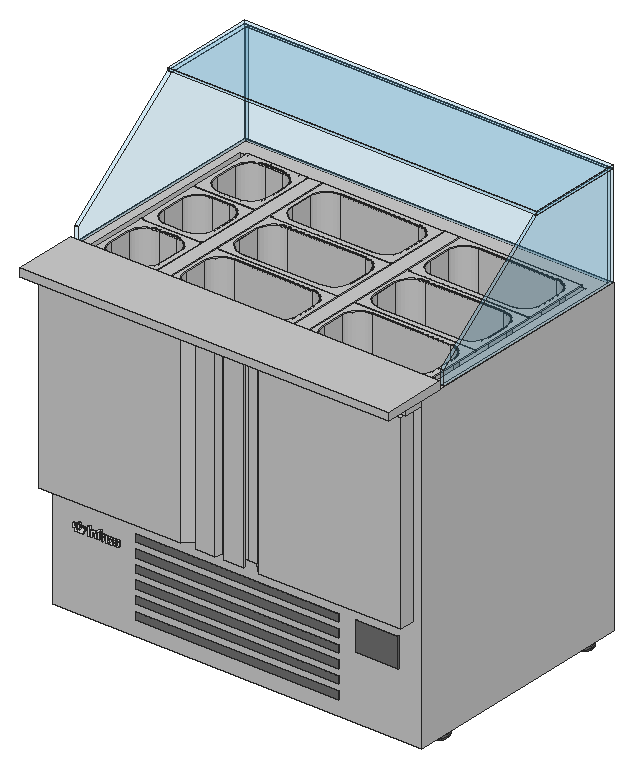
Revit family "QF_INFRICO_ME1000KB_250812024614", category Specialty Equipment, Revit 2021
Family settings
  Round Connector Dimension = Use Diameter
  Part Type = Normal
  OmniClass Number = 23.40.40.14
  OmniClass Title = Food Service Equipment
  Work Plane-Based = No
  Always vertical = Yes
  Cut with Voids When Loaded = No
  Shared = No
  Room Calculation Point = No
Parameters (values of type "ME1000KB-R290")
  Weight [instance] = 110.001 kg
  Waste Water Discharge Temperature [instance] = 0 °C
  Waste Remarks [instance] = ""
  Warranty Start Date [instance] = ""
  Warranty Duration [instance] = ""
  Volts [instance] = 230 V
  Volt Free Conn [instance] = no
  URL Recommended Spares List [instance] = ""
  URL Manufacturer [instance] = ""
  URL Cutsheet [instance] = ""
  URL Critical Spares List [instance] = ""
  URL = "www.infrico.com"
  Technical Documentation [instance] = ""
  Tag Number [instance] = ""
  Status [instance] = ""
  Start Up Current [instance] = 0 A
  Specification by User [instance] = ""
  Specification by Manufacturer [instance] = ""
  Sound Level [instance] = ""
  Show Logo [instance] = yes
  Show Clearances [instance] = yes
  Service Life Duration [instance] = ""
  Serial Number [instance] = ""
  Seismic Rating [instance] = ""
  SMACNA No [instance] = ""
  Revision Code [instance] = ""
  Revision [instance] = ""
  Production Year [instance] = ""
  Potential Equalisation [instance] = no
  Point Load [instance] = 0
  Plumbing Connection Type [instance] = ""
  Phase [instance] = 1
  Other Equipment Approvals [instance] = ""
  Operational Current [instance] = 0 A
  Number of Poles [instance] = 2
  No Load Power Draw [instance] = no
  NAFEM Spec ID Number [instance] = ""
  Model Warning [instance] = ""
  Model = "ME1000KB"
  Min Ckt Ampacity [instance] = 0 A
  Max Overcurrent Protection [instance] = 0 A
  Masterspec [instance] = ""
  Manufacturer = "INFRICO"
  Main switch integrated [instance] = no
  Length Actual [instance] = 977.9 mm
  Item Number [instance] = ""
  Installed By [instance] = ""
  Installation Date [instance] = ""
  Indirect Waste Size [instance] = 19.05 mm
  Indirect Waste Remarks [instance] = ""
  Indirect Waste Flow [instance] = 0.0 L/s
  Indirect Waste Connection Type [instance] = ""
  Indirect Waste Connection Height [instance] = 0 mm
  Identify Quantity as Lot [instance] = no
  ID [instance] = ""
  Hygiene Approval [instance] = ""
  Height Actual [instance] = 1124.966 mm
  HP power [instance] = ""
  Furnished By [instance] = ""
  Foodservice Equipment Identifier [instance] = no
  FL Amps [instance] = 0 A
  Electrical Remarks [instance] = ""
  Electric power [instance] = 420 W
  Electric Connection Type [instance] = ""
  Elec Conn RI Height [instance] = 0 mm
  Elec Conn Connection Height [instance] = 0 mm
  ETL Approved [instance] = no
  Direct Waste Water Discharge Temperature [instance] = -273.15 °C
  Direct Waste Size [instance] = 19.05 mm
  Direct Waste RI Height [instance] = 0 mm
  Direct Waste Flow [instance] = 0.0 L/s
  Direct Waste Connection Height [instance] = 0 mm
  Description = "GN1/1 SALAD PREP REFRIGERATOR TABLE 700 SERIES - R290"
  Depth Actual [instance] = 700.024 mm
  Default Elevation = 0 mm
  Cycle [instance] = 50 Hz
  Cost = 0
  Connection to energy optimisation system [instance] = yes
  Conn Plug [instance] = ""
  Conn Conduit [instance] = no
  Centralized building control system with digital interface [instance] = ""
  CSI MasterFormat [instance] = ""
  CE Approved [instance] = no
  Barcode [instance] = 0
  Author [instance] = ""
  Asset Identifier [instance] = ""
  Apparent Power [instance] = 420 VA
  Accessory [instance] = no
Reference planes
  plane 1 "Center (Front/Back)": y = 0
  plane 2: z = 0
  plane 3 "Center (Left/Right)": x = 0
Forms (mm)
  Extrusion 1, solid, not visible
    sketch origin (487.024, -150.007, 304.015) x (1, 0, 0) y (0, 1, 0)
      loop
        line (-2, 2) -> (-2, -2) -> (2, -2) -> (2, 2) -> (-2, 2)
    from -2 to 2
  Extrusion 2, solid, not visible
    sketch origin (45.002, -152.007, 286.014) x (1, 0, 0) y (0, 1, 0)
      loop
        line (-2, 2) -> (-2, -2) -> (2, -2) -> (2, 2) -> (-2, 2)
    from -2 to 2
Dimensions and locks
  locked: nested 2 to Extrusion 1 at 2  (x2)
  locked: Extrusion 2 to nested 3
  locked: nested 3 to Extrusion 2 at 2
  aligned and locked: level to plane 2
Nested families
  nested 1: "QF_INFRICO_ME1000KB_2920" at (0, 0, 0), type "ME1000KB-R290"
    with Weight 110.001 kg, Warranty Start Date "", Warranty Duration "", URL Cutsheet "", Technical Documentation "", Tag Number "", Status "", Specification by User "", Specification by Manufacturer "", Sound Level "", Solid Fuel Type "", Show Logo yes, Show Clearances yes, Show Clearance yes, Service Life Duration "", Serial Number "", Seismic Rating "", SMACNA No "", Revision Code "", Revision "", Production Year "", Point Load 0, Other Equipment Approvals "", NAFEM Spec ID Number "", Model Warning "", Masterspec "", Length Actual 977.9 mm, Item Number "", Installed By "", Installation Date "", Identify Quantity as Lot yes, ID "", Hygiene Approval "", Height Actual 1124.966 mm, Furnished By "", Foodservice Equipment Identifier yes, ETL Approved yes, Depth Actual 700.024 mm, CSI MasterFormat "", CE Approved no, Barcode "", Author "", Asset Identifier "", Accessory no
  nested 2: "CONN_POINT_DRAIN_2D___Generic_Annotation" at (487.024, -150.007, 302.015), type "CONN_POINT_DRAIN_2D___Generic_Annotation"
    with Onboard connection annotation symbol visibility yes
  nested 3: "CONN_POINT_ELE_2D___Generic_Annotation" at (45.002, -150.007, 286.014), type "CONN_POINT_ELE_2D___Generic_Annotation"
    with Onboard connection annotation symbol visibility yes
  nested 4: "QF_INFRICO_ME_DOOR_SX_5059" at (10, -638, 324), type "ME_DOOR_SX"
    with Weight 0.00 kg, Warranty Start Date "", Warranty Duration "", URL Cutsheet "", Technical Documentation "", Tag Number "", Status "", Specification by User "", Specification by Manufacturer "", Sound Level "", Solid Fuel Type "", Show Logo yes, Show Clearances yes, Show Clearance yes, Service Life Duration "", Serial Number "", Seismic Rating "", SMACNA No "", Revision Code "", Revision "", Production Year "", Point Load 0, Other Equipment Approvals "", NAFEM Spec ID Number "", Model Warning "", Masterspec "", Length Actual 471.932 mm, Item Number "", Installed By "", Installation Date "", Identify Quantity as Lot yes, ID "", Hygiene Approval "", Height Actual 501.904 mm, Furnished By "", Foodservice Equipment Identifier yes, ETL Approved yes, Depth Actual 56.896 mm, CSI MasterFormat "", CE Approved no, Barcode "", Author "", Asset Identifier "", Accessory yes
  nested 5: "QF_INFRICO_ME_DOOR_DX_5837" at (496, -638, 324), type "ME_DOOR_DX"
    with Weight 0.00 kg, Warranty Start Date "", Warranty Duration "", URL Cutsheet "", Technical Documentation "", Tag Number "", Status "", Specification by User "", Specification by Manufacturer "", Sound Level "", Solid Fuel Type "", Show Logo yes, Show Clearances yes, Show Clearance yes, Service Life Duration "", Serial Number "", Seismic Rating "", SMACNA No "", Revision Code "", Revision "", Production Year "", Point Load 0, Other Equipment Approvals "", NAFEM Spec ID Number "", Model Warning "", Masterspec "", Length Actual 471.932 mm, Item Number "", Installed By "", Installation Date "", Identify Quantity as Lot yes, ID "", Hygiene Approval "", Height Actual 501.904 mm, Furnished By "", Foodservice Equipment Identifier yes, ETL Approved yes, Depth Actual 56.896 mm, CSI MasterFormat "", CE Approved no, Barcode "", Author "", Asset Identifier "", Accessory yes
Connectors
  piping at (487.024, -150.007, 302.015), diameter 19.05, driven by "Indirect Waste Size", driven by "Direct Waste Flow"
    settings: on Extrusion 1, index 1, connector inside diameter 609.6 mm, connector length 0 mm, flow factor 0, pipe flow 0.0 L/s, pressure drop 0.0 Pa, fitting loss kfactor 0, connector angle 0.00°, fixture units 0, engagement length 0 mm, angle of deflection 0.00°, flow configuration 1, flow direction 2, fitting loss method 0, system type 16, joint type 0, gender type 0, connector reference index -1, connector utility 0, adjustable connector no, is connector primary yes, connector description "Waste connection for ME1000KB"
  electrical at (45.002, -150.007, 286.014), driven by "Apparent Power", driven by "Number of Poles", driven by "Volts"
    settings: on Extrusion 2, index 2, voltage 230 V, apparent load 0 VA, apparent load phase1 420 VA, apparent load phase2 0 VA, apparent load phase3 0 VA, power factor 1, load classification "Other", number of poles 2, system type 31, power factor state 1, is connector primary yes, connector utility no, sub classification motor no, connector description "Electrical connection for ME1000KB"
Definition of nested family "QF_INFRICO_ME1000KB_2920"
  Parameters (values of type "ME1000KB-R290")
    Weight [instance] = 0.00 kg
    Warranty Start Date [instance] = ""
    Warranty Duration [instance] = ""
    URL Cutsheet [instance] = ""
    URL = "www.infrico.com"
    Technical Documentation [instance] = ""
    Tag Number [instance] = ""
    Status [instance] = ""
    Specification by User [instance] = ""
    Specification by Manufacturer [instance] = ""
    Sound Level [instance] = ""
    Solid Fuel Type [instance] = ""
    Show Logo [instance] = yes
    Show Clearances [instance] = yes
    Show Clearance [instance] = yes
    Service Life Duration [instance] = ""
    Serial Number [instance] = ""
    Seismic Rating [instance] = ""
    SMACNA No [instance] = ""
    Revision Code [instance] = ""
    Revision [instance] = ""
    Production Year [instance] = ""
    Point Load [instance] = 0
    Other Equipment Approvals [instance] = ""
    NAFEM Spec ID Number [instance] = ""
    Model Warning [instance] = ""
    Model = "ME1000KB"
    Masterspec [instance] = ""
    Manufacturer = "INFRICO"
    Length Actual [instance] = 0 mm
    Item Number [instance] = ""
    Installed By [instance] = ""
    Installation Date [instance] = ""
    Identify Quantity as Lot [instance] = yes
    ID [instance] = ""
    Hygiene Approval [instance] = ""
    Height Actual [instance] = 0 mm
    Furnished By [instance] = ""
    Foodservice Equipment Identifier [instance] = yes
    ETL Approved [instance] = yes
    Description = "GN1/1 SALAD PREP REFRIGERATOR TABLE 700 SERIES - R290"
    Depth Actual [instance] = 0 mm
    Default Elevation = 0 mm
    CSI MasterFormat [instance] = ""
    CE Approved [instance] = yes
    Barcode [instance] = ""
    Author [instance] = ""
    Asset Identifier [instance] = ""
    Assembly Code = "E1090320"
    Accessory [instance] = yes
  Types (2, lengths in mm): name | Description
    ME1000KB | "GN1/1 SALAD PREP REFRIGERATOR TABLE 700 SERIES - R134A"
    ME1000KB-R290 | "GN1/1 SALAD PREP REFRIGERATOR TABLE 700 SERIES - R290"
  Reference planes
    plane 1 "Back": y = 0
    plane 2: z = 0
    plane 3 "Left": x = 0
    plane 4 "Right": x = 978
    plane 5 "Front": y = -700
    plane 6 "Top": z = 844
  Forms (mm)
    Revolve 1, solid
      sketch origin (29, 0.51, 0) x (0, 1, 0) y (0, 0, 1)
        loop
          line (-65.51, 19.01) -> (-65.51, 0) -> (-45.51, 0)
          arc (-45.51, 0) -> (-41.974, 1.464) -> (-40.51, 5) r 5
          line (-40.51, 5) -> (-40.51, 10) -> (-50.51, 10) -> (-50.51, 14.5) -> (-60.51, 14.5) -> (-60.51, 19.01) -> (-65.51, 19.01)
        axis (-65.51, 19.01) -> (-65.51, 0)
      angle from 0 to 360
    Revolve 2, solid
      sketch origin (29, -479.49, 0) x (0, 1, 0) y (0, 0, 1)
        loop
          line (-65.51, 19.01) -> (-65.51, 0) -> (-45.51, 0)
          arc (-45.51, 0) -> (-41.974, 1.464) -> (-40.51, 5) r 5
          line (-40.51, 5) -> (-40.51, 10) -> (-50.51, 10) -> (-50.51, 14.5) -> (-60.51, 14.5) -> (-60.51, 19.01) -> (-65.51, 19.01)
        axis (-65.51, 19.01) -> (-65.51, 0)
      angle from 0 to 360
    Revolve 3, solid
      sketch origin (949, 0.51, 0) x (0, 1, 0) y (0, 0, 1)
        loop
          line (-65.51, 19.01) -> (-65.51, 0) -> (-45.51, 0)
          arc (-45.51, 0) -> (-41.974, 1.464) -> (-40.51, 5) r 5
          line (-40.51, 5) -> (-40.51, 10) -> (-50.51, 10) -> (-50.51, 14.5) -> (-60.51, 14.5) -> (-60.51, 19.01) -> (-65.51, 19.01)
        axis (-65.51, 19.01) -> (-65.51, 0)
      angle from 0 to 360
    Revolve 4, solid
      sketch origin (949, -479.49, 0) x (0, 1, 0) y (0, 0, 1)
        loop
          line (-65.51, 19.01) -> (-65.51, 0) -> (-45.51, 0)
          arc (-45.51, 0) -> (-41.974, 1.464) -> (-40.51, 5) r 5
          line (-40.51, 5) -> (-40.51, 10) -> (-50.51, 10) -> (-50.51, 14.5) -> (-60.51, 14.5) -> (-60.51, 19.01) -> (-65.51, 19.01)
        axis (-65.51, 19.01) -> (-65.51, 0)
      angle from 0 to 360
    Extrusion 5, solid
      sketch origin (0, 0, 0) x (0, 1, 0) y (0, 0, 1)
        loop
          line (0, 19.01) -> (0, 49.01) -> (-150, 49.01) -> (-150, 319) -> (0, 319) -> (0, 844) -> (-55, 844) -> (-55, 689.01) -> (-571.825, 689.01) -> (-571.825, 844) -> (-638, 844) -> (-638, 19.01) -> (0, 19.01)
      from 30 to 948
    Extrusion 6, solid
      sketch origin (-2000, -636.1, 0) x (1, 0, 0) y (0, 0, 1)
        loop
          line (2220, 263.01) -> (2220, 243.01) -> (2760, 243.01) -> (2760, 263.01) -> (2220, 263.01)
      from 0 to 2
    Extrusion 7, solid
      sketch origin (-2000, -636.1, -37) x (1, 0, 0) y (0, 0, 1)
        loop
          line (2220, 263.01) -> (2220, 243.01) -> (2760, 243.01) -> (2760, 263.01) -> (2220, 263.01)
      from 0 to 2
    Extrusion 8, solid
      sketch origin (-2000, -636.1, -74) x (1, 0, 0) y (0, 0, 1)
        loop
          line (2220, 263.01) -> (2220, 243.01) -> (2760, 243.01) -> (2760, 263.01) -> (2220, 263.01)
      from 0 to 2
    Extrusion 9, solid
      sketch origin (-2000, -636.1, -111) x (1, 0, 0) y (0, 0, 1)
        loop
          line (2220, 263.01) -> (2220, 243.01) -> (2760, 243.01) -> (2760, 263.01) -> (2220, 263.01)
      from 0 to 2
    Extrusion 10, solid
      sketch origin (-2000, -636.1, -148) x (1, 0, 0) y (0, 0, 1)
        loop
          line (2220, 263.01) -> (2220, 243.01) -> (2760, 243.01) -> (2760, 263.01) -> (2220, 263.01)
      from 0 to 2
    Extrusion 11, solid
      sketch origin (-2000, -636.1, -185) x (1, 0, 0) y (0, 0, 1)
        loop
          line (2220, 263.01) -> (2220, 243.01) -> (2760, 243.01) -> (2760, 263.01) -> (2220, 263.01)
      from 0 to 2
    Extrusion 12, solid
      sketch origin (-2000, -638, 0) x (1, 0, 0) y (0, 0, 1)
        loop
          line (2917.81, 187.81) -> (2917.81, 264.21) -> (2806.21, 264.21) -> (2806.21, 187.81) -> (2917.81, 187.81)
      from 0 to 2
    Extrusion 13, solid
      sketch origin (-2000, -1999.98, 0.1) x (0, 1, 0) y (0, 0, 1)
        loop
          line (1312.96, 842.41) -> (1312.96, 829.41) -> (1361.98, 829.41) -> (1361.98, 842.41) -> (1312.96, 842.41)
      from 2002 to 2976
    Extrusion 14, solid
      sketch origin (0, -140, 0) x (1, 0, 0) y (0, 0, 1)
        loop
          circle (45, 286) r 12.7
      from 0 to 10
    Extrusion 15, solid
      sketch origin (0, -140, 0) x (1, 0, 0) y (0, 0, 1)
        loop
          circle (487, 302) r 9.525
      from 0 to 10
    Extrusion 16, solid
      sketch origin (0, 0, 0) x (0, 1, 0) y (0, 0, 1)
        loop
          line (-638, 19.01) -> (0, 19.01) -> (0, 844) -> (-638, 844) -> (-638, 19.01)
      from 0 to 30
    Extrusion 17, solid
      sketch origin (978, 0, 0) x (0, 1, 0) y (0, 0, -1)
        loop
          line (-638, -19.01) -> (-638, -844) -> (0, -844) -> (0, -19.01) -> (-638, -19.01)
      from 0 to 30
    Extrusion 18, solid, visible <- "Show Logo"
      sketch origin (-1108.443, -638, -480.835) x (1, 0, 0) y (0, 0, 1)
        loop
          line (1208.799, 696.53) -> (1208.799, 719.204) -> (1204.173, 719.204) -> (1204.173, 696.53) -> (1208.799, 696.53)
        loop
          line (1214.779, 713.006) -> (1211.283, 713.006) -> (1211.283, 696.53) -> (1215.772, 696.53) -> (1215.772, 707.832)
          arc (1215.772, 707.832) -> (1217.528, 708.741) -> (1219.417, 709.324) r 11.052
          arc (1219.417, 709.324) -> (1220.929, 708.961) -> (1221.598, 707.557) r 1.806
          line (1221.598, 707.557) -> (1221.598, 696.53) -> (1226.121, 696.53) -> (1226.121, 708.689)
          arc (1226.121, 708.689) -> (1224.637, 712.075) -> (1221.141, 713.281) r 4.607
          arc (1221.141, 713.281) -> (1218.282, 712.674) -> (1215.669, 711.361) r 11.435
          line (1215.669, 711.361) -> (1215.601, 712.184)
          arc (1215.601, 712.184) -> (1215.36, 712.765) -> (1214.779, 713.006) r 0.822
        loop
          line (1238.557, 720.102) -> (1237.306, 720.102)
          arc (1237.306, 720.102) -> (1235.052, 719.926) -> (1232.881, 719.297) r 11.103
          arc (1232.881, 719.297) -> (1230.805, 717.616) -> (1230.024, 715.062) r 4.567
          line (1230.024, 715.062) -> (1230.024, 712.909) -> (1227.351, 712.703) -> (1227.351, 709.374) -> (1230.024, 709.374) -> (1230.024, 696.53) -> (1234.547, 696.53) -> (1234.547, 709.374) -> (1238.249, 709.374) -> (1238.249, 712.938) -> (1234.547, 712.938) -> (1234.547, 714.548)
          arc (1234.547, 714.548) -> (1234.956, 715.705) -> (1236.045, 716.271) r 1.67
          line (1236.045, 716.271) -> (1237.7, 716.399)
          arc (1237.7, 716.399) -> (1238.306, 716.65) -> (1238.557, 717.255) r 0.857
          line (1238.557, 717.255) -> (1238.557, 720.102)
        loop
          line (1239.479, 713.006) -> (1239.479, 696.53) -> (1243.968, 696.53) -> (1243.968, 707.352)
          arc (1243.968, 707.352) -> (1245.873, 708.631) -> (1248.077, 709.268) r 7.435
          line (1248.077, 709.268) -> (1249.241, 709.416)
          arc (1249.241, 709.416) -> (1249.643, 709.758) -> (1249.793, 710.265) r 0.928
          line (1249.793, 710.265) -> (1249.793, 712.458)
          arc (1249.793, 712.458) -> (1249.531, 713.061) -> (1248.912, 713.28) r 0.824
          arc (1248.912, 713.28) -> (1246.197, 712.588) -> (1243.899, 710.984) r 7.833
          line (1243.899, 710.984) -> (1243.726, 713.006) -> (1239.479, 713.006)
        loop
          line (1255.495, 696.53) -> (1255.495, 713.006) -> (1251.006, 713.006) -> (1251.006, 696.53) -> (1255.495, 696.53)
        loop
          arc (1257.421, 701.327) -> (1258.567, 698.188) -> (1261.466, 696.525) r 4.873
          arc (1261.466, 696.525) -> (1264.493, 696.266) -> (1267.521, 696.525) r 17.816
          arc (1267.521, 696.525) -> (1270.575, 699.134) -> (1271.505, 703.041) r 6.481
          line (1271.505, 703.041) -> (1267.187, 703.041) -> (1267.187, 701.67)
          arc (1267.187, 701.67) -> (1266.64, 700.452) -> (1265.442, 699.865) r 1.965
          arc (1265.442, 699.865) -> (1264.547, 699.816) -> (1263.653, 699.865) r 8.196
          arc (1263.653, 699.865) -> (1262.417, 700.415) -> (1261.91, 701.67) r 1.806
          line (1261.91, 701.67) -> (1261.91, 707.9)
          arc (1261.91, 707.9) -> (1262.417, 709.155) -> (1263.653, 709.705) r 1.806
          arc (1263.653, 709.705) -> (1264.547, 709.754) -> (1265.442, 709.705) r 8.196
          arc (1265.442, 709.705) -> (1266.64, 709.118) -> (1267.187, 707.9) r 1.965
          line (1267.187, 707.9) -> (1267.187, 706.838) -> (1271.505, 706.838)
          arc (1271.505, 706.838) -> (1270.524, 710.556) -> (1267.521, 712.959) r 6.132
          arc (1267.521, 712.959) -> (1264.493, 713.294) -> (1261.466, 712.959) r 13.851
          arc (1261.466, 712.959) -> (1258.571, 711.349) -> (1257.421, 708.243) r 4.772
          line (1257.421, 708.243) -> (1257.421, 701.327)
        loop
          arc (1272.916, 701.329) -> (1273.993, 698.345) -> (1276.726, 696.734) r 4.676
          arc (1276.726, 696.734) -> (1278.515, 696.455) -> (1280.318, 696.291) r 28.371
          arc (1280.318, 696.291) -> (1282.122, 696.455) -> (1283.911, 696.734) r 28.371
          arc (1283.911, 696.734) -> (1286.644, 698.345) -> (1287.72, 701.329) r 4.676
          line (1287.72, 701.329) -> (1287.72, 708.242)
          arc (1287.72, 708.242) -> (1286.644, 711.226) -> (1283.911, 712.837) r 4.676
          arc (1283.911, 712.837) -> (1282.122, 713.116) -> (1280.318, 713.28) r 28.371
          arc (1280.318, 713.28) -> (1278.515, 713.116) -> (1276.726, 712.837) r 28.371
          arc (1276.726, 712.837) -> (1273.993, 711.226) -> (1272.916, 708.242) r 4.676
          line (1272.916, 708.242) -> (1272.916, 701.329)
        loop
          line (1277.405, 707.866) -> (1277.405, 701.705)
          arc (1277.405, 701.705) -> (1277.844, 700.556) -> (1278.936, 699.991) r 1.725
          arc (1278.936, 699.991) -> (1279.627, 699.918) -> (1280.318, 699.856) r 46.133
          arc (1280.318, 699.856) -> (1281.01, 699.918) -> (1281.701, 699.991) r 46.133
          arc (1281.701, 699.991) -> (1282.793, 700.556) -> (1283.231, 701.705) r 1.725
          line (1283.231, 701.705) -> (1283.231, 707.866)
          arc (1283.231, 707.866) -> (1282.793, 709.015) -> (1281.701, 709.58) r 1.725
          arc (1281.701, 709.58) -> (1281.01, 709.653) -> (1280.318, 709.716) r 46.133
          arc (1280.318, 709.716) -> (1279.627, 709.653) -> (1278.936, 709.58) r 46.133
          arc (1278.936, 709.58) -> (1277.844, 709.015) -> (1277.405, 707.866) r 1.725
        loop
          arc (1190.339, 696.543) -> (1191.411, 696.987) -> (1191.856, 698.059) r 1.516
          line (1191.856, 698.059) -> (1191.856, 703.891) -> (1196.035, 703.891)
          arc (1196.035, 703.891) -> (1196.79, 704.121) -> (1197.218, 704.782) r 1.147
          line (1197.218, 704.782) -> (1197.218, 706.211)
          arc (1197.218, 706.211) -> (1196.787, 707.258) -> (1195.719, 707.634) r 1.385
          line (1195.719, 707.634) -> (1194.52, 707.634) -> (1197.218, 710.332)
          arc (1197.218, 710.332) -> (1197.605, 711.266) -> (1197.218, 712.2) r 1.321
          line (1197.218, 712.2) -> (1196.495, 712.923)
          arc (1196.495, 712.923) -> (1195.54, 713.338) -> (1194.558, 712.991) r 1.422
          line (1194.558, 712.991) -> (1191.853, 710.286) -> (1191.853, 711.479)
          arc (1191.853, 711.479) -> (1191.443, 712.516) -> (1190.435, 712.992) r 1.516
          line (1190.435, 712.992) -> (1189.514, 712.992)
          arc (1189.514, 712.992) -> (1188.511, 712.514) -> (1188.103, 711.479) r 1.516
          line (1188.103, 711.479) -> (1188.103, 706.83) -> (1182.073, 701.336) -> (1182.073, 707.509) -> (1185.639, 711.075)
          arc (1185.639, 711.075) -> (1186.053, 712.073) -> (1185.639, 713.071) r 1.412
          line (1185.639, 713.071) -> (1184.987, 713.723)
          arc (1184.987, 713.723) -> (1183.939, 714.141) -> (1182.915, 713.667) r 1.428
          line (1182.915, 713.667) -> (1182.073, 712.825) -> (1182.073, 717.784)
          arc (1182.073, 717.784) -> (1181.658, 718.787) -> (1180.655, 719.203) r 1.418
          line (1180.655, 719.203) -> (1179.726, 719.203)
          arc (1179.726, 719.203) -> (1178.723, 718.787) -> (1178.308, 717.784) r 1.418
          line (1178.308, 717.784) -> (1178.308, 712.825) -> (1177.466, 713.667)
          arc (1177.466, 713.667) -> (1176.442, 714.141) -> (1175.394, 713.723) r 1.428
          line (1175.394, 713.723) -> (1174.742, 713.071)
          arc (1174.742, 713.071) -> (1174.328, 712.073) -> (1174.742, 711.075) r 1.412
          line (1174.742, 711.075) -> (1178.308, 707.509) -> (1178.308, 701.336) -> (1172.278, 706.83) -> (1172.278, 711.479)
          arc (1172.278, 711.479) -> (1171.87, 712.514) -> (1170.867, 712.992) r 1.516
          line (1170.867, 712.992) -> (1169.946, 712.992)
          arc (1169.946, 712.992) -> (1168.938, 712.516) -> (1168.528, 711.479) r 1.516
          line (1168.528, 711.479) -> (1168.528, 710.286) -> (1165.823, 712.991)
          arc (1165.823, 712.991) -> (1164.841, 713.338) -> (1163.886, 712.923) r 1.422
          line (1163.886, 712.923) -> (1163.163, 712.2)
          arc (1163.163, 712.2) -> (1162.776, 711.266) -> (1163.163, 710.332) r 1.321
          line (1163.163, 710.332) -> (1165.861, 707.634) -> (1164.662, 707.634)
          arc (1164.662, 707.634) -> (1163.594, 707.258) -> (1163.163, 706.211) r 1.385
          line (1163.163, 706.211) -> (1163.163, 704.782)
          arc (1163.163, 704.782) -> (1163.591, 704.121) -> (1164.346, 703.891) r 1.147
          line (1164.346, 703.891) -> (1168.525, 703.891) -> (1168.525, 698.059)
          arc (1168.525, 698.059) -> (1168.969, 696.987) -> (1170.042, 696.543) r 1.516
          line (1170.042, 696.543) -> (1190.339, 696.543)
      from 0 to 2
    Extrusion 19, solid
      sketch origin (0, -2000, 0) x (0, 1, 0) y (0, 0, 1)
        loop
          line (1437, 844) -> (2000, 844) -> (2000, 1116.03) -> (1745, 1116.03) -> (1437, 883.935) -> (1437, 844)
      from 0 to 9
    Extrusion 20, solid
      sketch origin (969, -2000, 0) x (0, 1, 0) y (0, 0, 1)
        loop
          line (1437, 844) -> (2000, 844) -> (2000, 1116.03) -> (1745, 1116.03) -> (1437, 883.935) -> (1437, 844)
      from 0 to 9
    Extrusion 21, solid
      sketch origin (0, 0, 0) x (0, 1, 0) y (0, 0, 1)
        loop
          line (0, 844) -> (0, 1116.03) -> (-8, 1116.03) -> (-8, 844) -> (0, 844)
      from 9 to 969
    Extrusion 22, solid
      sketch origin (0, 0, 0) x (0, 1, 0) y (0, 0, 1)
        loop
          line (0, 1116.03) -> (0, 1125.03) -> (-255, 1125.03) -> (-255, 1116.03) -> (0, 1116.03)
      from 0 to 978
    Sweep 23, solid
      path origin (-7.938, 259.366, 949.504) x (1, 0, 0) y (0, 1, 0)
        loop
          line (62.971, -366.791) -> (62.971, -426.791)
          arc (62.971, -426.791) -> (77.03, -460.732) -> (110.971, -474.791) r 48
          line (110.971, -474.791) -> (156.971, -474.791)
          arc (156.971, -474.791) -> (190.912, -460.732) -> (204.971, -426.791) r 48
          line (204.971, -426.791) -> (204.971, -366.791)
          arc (204.971, -366.791) -> (190.912, -332.85) -> (156.971, -318.791) r 48
          line (156.971, -318.791) -> (110.971, -318.791)
          arc (110.971, -318.791) -> (77.03, -332.85) -> (62.971, -366.791) r 48
      profile origin (55.032, -137.425, 949.504) x (1, 0, 0) y (0, 0, 1)
        loop
          line (12.801, -252.7) -> (12.801, -250.7)
          arc (12.801, -250.7) -> (6.436, -248.064) -> (3.8, -241.699) r 9.001
          line (3.8, -241.699) -> (3.8, -105.504) -> (1.8, -105.504) -> (1.8, -241.699)
          arc (1.8, -241.699) -> (5.022, -249.478) -> (12.801, -252.7) r 11.001
    Extrusion 24, solid
      sketch origin (-7.938, 259.366, 696.804) x (1, 0, 0) y (0, 1, 0)
        loop
          line (75.772, -366.791) -> (75.772, -426.791)
          arc (75.772, -426.791) -> (86.081, -451.68) -> (110.971, -461.99) r 35.199
          line (110.971, -461.99) -> (156.971, -461.99)
          arc (156.971, -461.99) -> (181.86, -451.68) -> (192.17, -426.791) r 35.199
          line (192.17, -426.791) -> (192.17, -366.791)
          arc (192.17, -366.791) -> (181.86, -341.901) -> (156.971, -331.592) r 35.199
          line (156.971, -331.592) -> (110.971, -331.592)
          arc (110.971, -331.592) -> (86.081, -341.901) -> (75.772, -366.791) r 35.199
      from 0 to 2
    Extrusion 25, solid
      sketch origin (-1324.908, -3230.67, 844) x (1, 0, 0) y (0, 1, 0)
        loop
          arc (1374.941, 3181.245) -> (1371.405, 3179.781) -> (1369.941, 3176.245) r 5
          line (1369.941, 3176.245) -> (1369.941, 3010.245)
          arc (1369.941, 3010.245) -> (1371.405, 3006.71) -> (1374.941, 3005.245) r 5
          line (1374.941, 3005.245) -> (1526.941, 3005.245)
          arc (1526.941, 3005.245) -> (1530.476, 3006.71) -> (1531.941, 3010.245) r 5
          line (1531.941, 3010.245) -> (1531.941, 3176.245)
          arc (1531.941, 3176.245) -> (1530.476, 3179.781) -> (1526.941, 3181.245) r 5
          line (1526.941, 3181.245) -> (1374.941, 3181.245)
        loop
          arc (1427.941, 3169.445) -> (1395.272, 3155.914) -> (1381.741, 3123.245) r 46.2
          line (1381.741, 3123.245) -> (1381.741, 3063.245)
          arc (1381.741, 3063.245) -> (1395.272, 3030.577) -> (1427.941, 3017.045) r 46.2
          line (1427.941, 3017.045) -> (1473.941, 3017.045)
          arc (1473.941, 3017.045) -> (1506.609, 3030.577) -> (1520.141, 3063.245) r 46.2
          line (1520.141, 3063.245) -> (1520.141, 3123.245)
          arc (1520.141, 3123.245) -> (1506.609, 3155.914) -> (1473.941, 3169.445) r 46.2
          line (1473.941, 3169.445) -> (1427.941, 3169.445)
      from 0 to 2
    Sweep 26, solid
      path origin (-7.938, 83.366, 949.504) x (1, 0, 0) y (0, 1, 0)
        loop
          line (62.971, -366.791) -> (62.971, -426.791)
          arc (62.971, -426.791) -> (77.03, -460.732) -> (110.971, -474.791) r 48
          line (110.971, -474.791) -> (156.971, -474.791)
          arc (156.971, -474.791) -> (190.912, -460.732) -> (204.971, -426.791) r 48
          line (204.971, -426.791) -> (204.971, -366.791)
          arc (204.971, -366.791) -> (190.912, -332.85) -> (156.971, -318.791) r 48
          line (156.971, -318.791) -> (110.971, -318.791)
          arc (110.971, -318.791) -> (77.03, -332.85) -> (62.971, -366.791) r 48
      profile origin (55.032, -313.425, 949.504) x (1, 0, 0) y (0, 0, 1)
        loop
          line (12.801, -252.7) -> (12.801, -250.7)
          arc (12.801, -250.7) -> (6.436, -248.064) -> (3.8, -241.699) r 9.001
          line (3.8, -241.699) -> (3.8, -105.504) -> (1.8, -105.504) -> (1.8, -241.699)
          arc (1.8, -241.699) -> (5.022, -249.478) -> (12.801, -252.7) r 11.001
    Extrusion 27, solid
      sketch origin (-7.938, 83.366, 696.804) x (1, 0, 0) y (0, 1, 0)
        loop
          line (75.772, -366.791) -> (75.772, -426.791)
          arc (75.772, -426.791) -> (86.081, -451.68) -> (110.971, -461.99) r 35.199
          line (110.971, -461.99) -> (156.971, -461.99)
          arc (156.971, -461.99) -> (181.86, -451.68) -> (192.17, -426.791) r 35.199
          line (192.17, -426.791) -> (192.17, -366.791)
          arc (192.17, -366.791) -> (181.86, -341.901) -> (156.971, -331.592) r 35.199
          line (156.971, -331.592) -> (110.971, -331.592)
          arc (110.971, -331.592) -> (86.081, -341.901) -> (75.772, -366.791) r 35.199
      from 0 to 2
    Extrusion 28, solid
      sketch origin (-1324.908, -3406.67, 844) x (1, 0, 0) y (0, 1, 0)
        loop
          arc (1374.941, 3181.245) -> (1371.405, 3179.781) -> (1369.941, 3176.245) r 5
          line (1369.941, 3176.245) -> (1369.941, 3010.245)
          arc (1369.941, 3010.245) -> (1371.405, 3006.71) -> (1374.941, 3005.245) r 5
          line (1374.941, 3005.245) -> (1526.941, 3005.245)
          arc (1526.941, 3005.245) -> (1530.476, 3006.71) -> (1531.941, 3010.245) r 5
          line (1531.941, 3010.245) -> (1531.941, 3176.245)
          arc (1531.941, 3176.245) -> (1530.476, 3179.781) -> (1526.941, 3181.245) r 5
          line (1526.941, 3181.245) -> (1374.941, 3181.245)
        loop
          arc (1427.941, 3169.445) -> (1395.272, 3155.914) -> (1381.741, 3123.245) r 46.2
          line (1381.741, 3123.245) -> (1381.741, 3063.245)
          arc (1381.741, 3063.245) -> (1395.272, 3030.577) -> (1427.941, 3017.045) r 46.2
          line (1427.941, 3017.045) -> (1473.941, 3017.045)
          arc (1473.941, 3017.045) -> (1506.609, 3030.577) -> (1520.141, 3063.245) r 46.2
          line (1520.141, 3063.245) -> (1520.141, 3123.245)
          arc (1520.141, 3123.245) -> (1506.609, 3155.914) -> (1473.941, 3169.445) r 46.2
          line (1473.941, 3169.445) -> (1427.941, 3169.445)
      from 0 to 2
    Sweep 29, solid
      path origin (-7.938, -92.634, 949.504) x (1, 0, 0) y (0, 1, 0)
        loop
          line (62.971, -366.791) -> (62.971, -426.791)
          arc (62.971, -426.791) -> (77.03, -460.732) -> (110.971, -474.791) r 48
          line (110.971, -474.791) -> (156.971, -474.791)
          arc (156.971, -474.791) -> (190.912, -460.732) -> (204.971, -426.791) r 48
          line (204.971, -426.791) -> (204.971, -366.791)
          arc (204.971, -366.791) -> (190.912, -332.85) -> (156.971, -318.791) r 48
          line (156.971, -318.791) -> (110.971, -318.791)
          arc (110.971, -318.791) -> (77.03, -332.85) -> (62.971, -366.791) r 48
      profile origin (55.032, -489.425, 949.504) x (1, 0, 0) y (0, 0, 1)
        loop
          line (12.801, -252.7) -> (12.801, -250.7)
          arc (12.801, -250.7) -> (6.436, -248.064) -> (3.8, -241.699) r 9.001
          line (3.8, -241.699) -> (3.8, -105.504) -> (1.8, -105.504) -> (1.8, -241.699)
          arc (1.8, -241.699) -> (5.022, -249.478) -> (12.801, -252.7) r 11.001
    Extrusion 30, solid
      sketch origin (-7.938, -92.634, 696.804) x (1, 0, 0) y (0, 1, 0)
        loop
          line (75.772, -366.791) -> (75.772, -426.791)
          arc (75.772, -426.791) -> (86.081, -451.68) -> (110.971, -461.99) r 35.199
          line (110.971, -461.99) -> (156.971, -461.99)
          arc (156.971, -461.99) -> (181.86, -451.68) -> (192.17, -426.791) r 35.199
          line (192.17, -426.791) -> (192.17, -366.791)
          arc (192.17, -366.791) -> (181.86, -341.901) -> (156.971, -331.592) r 35.199
          line (156.971, -331.592) -> (110.971, -331.592)
          arc (110.971, -331.592) -> (86.081, -341.901) -> (75.772, -366.791) r 35.199
      from 0 to 2
    Extrusion 31, solid
      sketch origin (-1324.908, -3582.67, 844) x (1, 0, 0) y (0, 1, 0)
        loop
          arc (1374.941, 3181.245) -> (1371.405, 3179.781) -> (1369.941, 3176.245) r 5
          line (1369.941, 3176.245) -> (1369.941, 3010.245)
          arc (1369.941, 3010.245) -> (1371.405, 3006.71) -> (1374.941, 3005.245) r 5
          line (1374.941, 3005.245) -> (1526.941, 3005.245)
          arc (1526.941, 3005.245) -> (1530.476, 3006.71) -> (1531.941, 3010.245) r 5
          line (1531.941, 3010.245) -> (1531.941, 3176.245)
          arc (1531.941, 3176.245) -> (1530.476, 3179.781) -> (1526.941, 3181.245) r 5
          line (1526.941, 3181.245) -> (1374.941, 3181.245)
        loop
          arc (1427.941, 3169.445) -> (1395.272, 3155.914) -> (1381.741, 3123.245) r 46.2
          line (1381.741, 3123.245) -> (1381.741, 3063.245)
          arc (1381.741, 3063.245) -> (1395.272, 3030.577) -> (1427.941, 3017.045) r 46.2
          line (1427.941, 3017.045) -> (1473.941, 3017.045)
          arc (1473.941, 3017.045) -> (1506.609, 3030.577) -> (1520.141, 3063.245) r 46.2
          line (1520.141, 3063.245) -> (1520.141, 3123.245)
          arc (1520.141, 3123.245) -> (1506.609, 3155.914) -> (1473.941, 3169.445) r 46.2
          line (1473.941, 3169.445) -> (1427.941, 3169.445)
      from 0 to 2
    Sweep 32, solid
      path origin (192.062, 83.366, 949.504) x (1, 0, 0) y (0, 1, 0)
        loop
          line (62.971, -366.791) -> (62.971, -426.791)
          arc (62.971, -426.791) -> (77.03, -460.732) -> (110.971, -474.791) r 48
          line (110.971, -474.791) -> (317.671, -474.791)
          arc (317.671, -474.791) -> (351.612, -460.732) -> (365.671, -426.791) r 48
          line (365.671, -426.791) -> (365.671, -366.791)
          arc (365.671, -366.791) -> (351.612, -332.85) -> (317.671, -318.791) r 48
          line (317.671, -318.791) -> (110.971, -318.791)
          arc (110.971, -318.791) -> (77.03, -332.85) -> (62.971, -366.791) r 48
      profile origin (255.032, -313.425, 949.504) x (1, 0, 0) y (0, 0, 1)
        loop
          line (12.801, -252.7) -> (12.801, -250.7)
          arc (12.801, -250.7) -> (6.436, -248.064) -> (3.8, -241.699) r 9.001
          line (3.8, -241.699) -> (3.8, -105.504) -> (1.8, -105.504) -> (1.8, -241.699)
          arc (1.8, -241.699) -> (5.022, -249.478) -> (12.801, -252.7) r 11.001
    Extrusion 33, solid
      sketch origin (192.062, 83.366, 696.804) x (1, 0, 0) y (0, 1, 0)
        loop
          line (75.772, -366.791) -> (75.772, -426.791)
          arc (75.772, -426.791) -> (86.081, -451.68) -> (110.971, -461.99) r 35.199
          line (110.971, -461.99) -> (317.671, -461.99)
          arc (317.671, -461.99) -> (342.56, -451.68) -> (352.87, -426.791) r 35.199
          line (352.87, -426.791) -> (352.87, -366.791)
          arc (352.87, -366.791) -> (342.56, -341.901) -> (317.671, -331.592) r 35.199
          line (317.671, -331.592) -> (110.971, -331.592)
          arc (110.971, -331.592) -> (86.081, -341.901) -> (75.772, -366.791) r 35.199
      from 0 to 2
    Extrusion 34, solid
      sketch origin (-1124.908, -3406.67, 844) x (1, 0, 0) y (0, 1, 0)
        loop
          arc (1374.941, 3181.245) -> (1371.405, 3179.781) -> (1369.941, 3176.245) r 5
          line (1369.941, 3176.245) -> (1369.941, 3010.245)
          arc (1369.941, 3010.245) -> (1371.405, 3006.71) -> (1374.941, 3005.245) r 5
          line (1374.941, 3005.245) -> (1689.441, 3005.245)
          arc (1689.441, 3005.245) -> (1692.976, 3006.71) -> (1694.441, 3010.245) r 5
          line (1694.441, 3010.245) -> (1694.441, 3176.245)
          arc (1694.441, 3176.245) -> (1692.976, 3179.781) -> (1689.441, 3181.245) r 5
          line (1689.441, 3181.245) -> (1374.941, 3181.245)
        loop
          arc (1427.941, 3169.445) -> (1395.272, 3155.914) -> (1381.741, 3123.245) r 46.2
          line (1381.741, 3123.245) -> (1381.741, 3063.245)
          arc (1381.741, 3063.245) -> (1395.272, 3030.577) -> (1427.941, 3017.045) r 46.2
          line (1427.941, 3017.045) -> (1634.641, 3017.045)
          arc (1634.641, 3017.045) -> (1667.309, 3030.577) -> (1680.841, 3063.245) r 46.2
          line (1680.841, 3063.245) -> (1680.841, 3123.245)
          arc (1680.841, 3123.245) -> (1667.309, 3155.914) -> (1634.641, 3169.445) r 46.2
          line (1634.641, 3169.445) -> (1427.941, 3169.445)
      from 0 to 2
    Sweep 35, solid
      path origin (192.062, -92.634, 949.504) x (1, 0, 0) y (0, 1, 0)
        loop
          line (62.971, -366.791) -> (62.971, -426.791)
          arc (62.971, -426.791) -> (77.03, -460.732) -> (110.971, -474.791) r 48
          line (110.971, -474.791) -> (317.671, -474.791)
          arc (317.671, -474.791) -> (351.612, -460.732) -> (365.671, -426.791) r 48
          line (365.671, -426.791) -> (365.671, -366.791)
          arc (365.671, -366.791) -> (351.612, -332.85) -> (317.671, -318.791) r 48
          line (317.671, -318.791) -> (110.971, -318.791)
          arc (110.971, -318.791) -> (77.03, -332.85) -> (62.971, -366.791) r 48
      profile origin (255.032, -489.425, 949.504) x (1, 0, 0) y (0, 0, 1)
        loop
          line (12.801, -252.7) -> (12.801, -250.7)
          arc (12.801, -250.7) -> (6.436, -248.064) -> (3.8, -241.699) r 9.001
          line (3.8, -241.699) -> (3.8, -105.504) -> (1.8, -105.504) -> (1.8, -241.699)
          arc (1.8, -241.699) -> (5.022, -249.478) -> (12.801, -252.7) r 11.001
    Extrusion 36, solid
      sketch origin (192.062, -92.634, 696.804) x (1, 0, 0) y (0, 1, 0)
        loop
          line (75.772, -366.791) -> (75.772, -426.791)
          arc (75.772, -426.791) -> (86.081, -451.68) -> (110.971, -461.99) r 35.199
          line (110.971, -461.99) -> (317.671, -461.99)
          arc (317.671, -461.99) -> (342.56, -451.68) -> (352.87, -426.791) r 35.199
          line (352.87, -426.791) -> (352.87, -366.791)
          arc (352.87, -366.791) -> (342.56, -341.901) -> (317.671, -331.592) r 35.199
          line (317.671, -331.592) -> (110.971, -331.592)
          arc (110.971, -331.592) -> (86.081, -341.901) -> (75.772, -366.791) r 35.199
      from 0 to 2
    Extrusion 37, solid
      sketch origin (-1124.908, -3582.67, 844) x (1, 0, 0) y (0, 1, 0)
        loop
          arc (1374.941, 3181.245) -> (1371.405, 3179.781) -> (1369.941, 3176.245) r 5
          line (1369.941, 3176.245) -> (1369.941, 3010.245)
          arc (1369.941, 3010.245) -> (1371.405, 3006.71) -> (1374.941, 3005.245) r 5
          line (1374.941, 3005.245) -> (1689.441, 3005.245)
          arc (1689.441, 3005.245) -> (1692.976, 3006.71) -> (1694.441, 3010.245) r 5
          line (1694.441, 3010.245) -> (1694.441, 3176.245)
          arc (1694.441, 3176.245) -> (1692.976, 3179.781) -> (1689.441, 3181.245) r 5
          line (1689.441, 3181.245) -> (1374.941, 3181.245)
        loop
          arc (1427.941, 3169.445) -> (1395.272, 3155.914) -> (1381.741, 3123.245) r 46.2
          line (1381.741, 3123.245) -> (1381.741, 3063.245)
          arc (1381.741, 3063.245) -> (1395.272, 3030.577) -> (1427.941, 3017.045) r 46.2
          line (1427.941, 3017.045) -> (1634.641, 3017.045)
          arc (1634.641, 3017.045) -> (1667.309, 3030.577) -> (1680.841, 3063.245) r 46.2
          line (1680.841, 3063.245) -> (1680.841, 3123.245)
          arc (1680.841, 3123.245) -> (1667.309, 3155.914) -> (1634.641, 3169.445) r 46.2
          line (1634.641, 3169.445) -> (1427.941, 3169.445)
      from 0 to 2
    Sweep 38, solid
      path origin (192.062, 259.366, 949.504) x (1, 0, 0) y (0, 1, 0)
        loop
          line (62.971, -366.791) -> (62.971, -426.791)
          arc (62.971, -426.791) -> (77.03, -460.732) -> (110.971, -474.791) r 48
          line (110.971, -474.791) -> (317.671, -474.791)
          arc (317.671, -474.791) -> (351.612, -460.732) -> (365.671, -426.791) r 48
          line (365.671, -426.791) -> (365.671, -366.791)
          arc (365.671, -366.791) -> (351.612, -332.85) -> (317.671, -318.791) r 48
          line (317.671, -318.791) -> (110.971, -318.791)
          arc (110.971, -318.791) -> (77.03, -332.85) -> (62.971, -366.791) r 48
      profile origin (255.032, -137.425, 949.504) x (1, 0, 0) y (0, 0, 1)
        loop
          line (12.801, -252.7) -> (12.801, -250.7)
          arc (12.801, -250.7) -> (6.436, -248.064) -> (3.8, -241.699) r 9.001
          line (3.8, -241.699) -> (3.8, -105.504) -> (1.8, -105.504) -> (1.8, -241.699)
          arc (1.8, -241.699) -> (5.022, -249.478) -> (12.801, -252.7) r 11.001
    Extrusion 39, solid
      sketch origin (192.062, 259.366, 696.804) x (1, 0, 0) y (0, 1, 0)
        loop
          line (75.772, -366.791) -> (75.772, -426.791)
          arc (75.772, -426.791) -> (86.081, -451.68) -> (110.971, -461.99) r 35.199
          line (110.971, -461.99) -> (317.671, -461.99)
          arc (317.671, -461.99) -> (342.56, -451.68) -> (352.87, -426.791) r 35.199
          line (352.87, -426.791) -> (352.87, -366.791)
          arc (352.87, -366.791) -> (342.56, -341.901) -> (317.671, -331.592) r 35.199
          line (317.671, -331.592) -> (110.971, -331.592)
          arc (110.971, -331.592) -> (86.081, -341.901) -> (75.772, -366.791) r 35.199
      from 0 to 2
    Extrusion 40, solid
      sketch origin (-1124.908, -3230.67, 844) x (1, 0, 0) y (0, 1, 0)
        loop
          arc (1374.941, 3181.245) -> (1371.405, 3179.781) -> (1369.941, 3176.245) r 5
          line (1369.941, 3176.245) -> (1369.941, 3010.245)
          arc (1369.941, 3010.245) -> (1371.405, 3006.71) -> (1374.941, 3005.245) r 5
          line (1374.941, 3005.245) -> (1689.441, 3005.245)
          arc (1689.441, 3005.245) -> (1692.976, 3006.71) -> (1694.441, 3010.245) r 5
          line (1694.441, 3010.245) -> (1694.441, 3176.245)
          arc (1694.441, 3176.245) -> (1692.976, 3179.781) -> (1689.441, 3181.245) r 5
          line (1689.441, 3181.245) -> (1374.941, 3181.245)
        loop
          arc (1427.941, 3169.445) -> (1395.272, 3155.914) -> (1381.741, 3123.245) r 46.2
          line (1381.741, 3123.245) -> (1381.741, 3063.245)
          arc (1381.741, 3063.245) -> (1395.272, 3030.577) -> (1427.941, 3017.045) r 46.2
          line (1427.941, 3017.045) -> (1634.641, 3017.045)
          arc (1634.641, 3017.045) -> (1667.309, 3030.577) -> (1680.841, 3063.245) r 46.2
          line (1680.841, 3063.245) -> (1680.841, 3123.245)
          arc (1680.841, 3123.245) -> (1667.309, 3155.914) -> (1634.641, 3169.445) r 46.2
          line (1634.641, 3169.445) -> (1427.941, 3169.445)
      from 0 to 2
    Sweep 41, solid
      path origin (557.362, 83.366, 949.504) x (1, 0, 0) y (0, 1, 0)
        loop
          line (62.971, -366.791) -> (62.971, -426.791)
          arc (62.971, -426.791) -> (77.03, -460.732) -> (110.971, -474.791) r 48
          line (110.971, -474.791) -> (317.671, -474.791)
          arc (317.671, -474.791) -> (351.612, -460.732) -> (365.671, -426.791) r 48
          line (365.671, -426.791) -> (365.671, -366.791)
          arc (365.671, -366.791) -> (351.612, -332.85) -> (317.671, -318.791) r 48
          line (317.671, -318.791) -> (110.971, -318.791)
          arc (110.971, -318.791) -> (77.03, -332.85) -> (62.971, -366.791) r 48
      profile origin (620.332, -313.425, 949.504) x (1, 0, 0) y (0, 0, 1)
        loop
          line (12.801, -252.7) -> (12.801, -250.7)
          arc (12.801, -250.7) -> (6.436, -248.064) -> (3.8, -241.699) r 9.001
          line (3.8, -241.699) -> (3.8, -105.504) -> (1.8, -105.504) -> (1.8, -241.699)
          arc (1.8, -241.699) -> (5.022, -249.478) -> (12.801, -252.7) r 11.001
    Extrusion 42, solid
      sketch origin (557.362, 83.366, 696.804) x (1, 0, 0) y (0, 1, 0)
        loop
          line (75.772, -366.791) -> (75.772, -426.791)
          arc (75.772, -426.791) -> (86.081, -451.68) -> (110.971, -461.99) r 35.199
          line (110.971, -461.99) -> (317.671, -461.99)
          arc (317.671, -461.99) -> (342.56, -451.68) -> (352.87, -426.791) r 35.199
          line (352.87, -426.791) -> (352.87, -366.791)
          arc (352.87, -366.791) -> (342.56, -341.901) -> (317.671, -331.592) r 35.199
          line (317.671, -331.592) -> (110.971, -331.592)
          arc (110.971, -331.592) -> (86.081, -341.901) -> (75.772, -366.791) r 35.199
      from 0 to 2
    Extrusion 43, solid
      sketch origin (-759.608, -3406.67, 844) x (1, 0, 0) y (0, 1, 0)
        loop
          arc (1374.941, 3181.245) -> (1371.405, 3179.781) -> (1369.941, 3176.245) r 5
          line (1369.941, 3176.245) -> (1369.941, 3010.245)
          arc (1369.941, 3010.245) -> (1371.405, 3006.71) -> (1374.941, 3005.245) r 5
          line (1374.941, 3005.245) -> (1689.441, 3005.245)
          arc (1689.441, 3005.245) -> (1692.976, 3006.71) -> (1694.441, 3010.245) r 5
          line (1694.441, 3010.245) -> (1694.441, 3176.245)
          arc (1694.441, 3176.245) -> (1692.976, 3179.781) -> (1689.441, 3181.245) r 5
          line (1689.441, 3181.245) -> (1374.941, 3181.245)
        loop
          arc (1427.941, 3169.445) -> (1395.272, 3155.914) -> (1381.741, 3123.245) r 46.2
          line (1381.741, 3123.245) -> (1381.741, 3063.245)
          arc (1381.741, 3063.245) -> (1395.272, 3030.577) -> (1427.941, 3017.045) r 46.2
          line (1427.941, 3017.045) -> (1634.641, 3017.045)
          arc (1634.641, 3017.045) -> (1667.309, 3030.577) -> (1680.841, 3063.245) r 46.2
          line (1680.841, 3063.245) -> (1680.841, 3123.245)
          arc (1680.841, 3123.245) -> (1667.309, 3155.914) -> (1634.641, 3169.445) r 46.2
          line (1634.641, 3169.445) -> (1427.941, 3169.445)
      from 0 to 2
    Sweep 44, solid
      path origin (557.362, -92.634, 949.504) x (1, 0, 0) y (0, 1, 0)
        loop
          line (62.971, -366.791) -> (62.971, -426.791)
          arc (62.971, -426.791) -> (77.03, -460.732) -> (110.971, -474.791) r 48
          line (110.971, -474.791) -> (317.671, -474.791)
          arc (317.671, -474.791) -> (351.612, -460.732) -> (365.671, -426.791) r 48
          line (365.671, -426.791) -> (365.671, -366.791)
          arc (365.671, -366.791) -> (351.612, -332.85) -> (317.671, -318.791) r 48
          line (317.671, -318.791) -> (110.971, -318.791)
          arc (110.971, -318.791) -> (77.03, -332.85) -> (62.971, -366.791) r 48
      profile origin (620.332, -489.425, 949.504) x (1, 0, 0) y (0, 0, 1)
        loop
          line (12.801, -252.7) -> (12.801, -250.7)
          arc (12.801, -250.7) -> (6.436, -248.064) -> (3.8, -241.699) r 9.001
          line (3.8, -241.699) -> (3.8, -105.504) -> (1.8, -105.504) -> (1.8, -241.699)
          arc (1.8, -241.699) -> (5.022, -249.478) -> (12.801, -252.7) r 11.001
    Extrusion 45, solid
      sketch origin (557.362, -92.634, 696.804) x (1, 0, 0) y (0, 1, 0)
        loop
          line (75.772, -366.791) -> (75.772, -426.791)
          arc (75.772, -426.791) -> (86.081, -451.68) -> (110.971, -461.99) r 35.199
          line (110.971, -461.99) -> (317.671, -461.99)
          arc (317.671, -461.99) -> (342.56, -451.68) -> (352.87, -426.791) r 35.199
          line (352.87, -426.791) -> (352.87, -366.791)
          arc (352.87, -366.791) -> (342.56, -341.901) -> (317.671, -331.592) r 35.199
          line (317.671, -331.592) -> (110.971, -331.592)
          arc (110.971, -331.592) -> (86.081, -341.901) -> (75.772, -366.791) r 35.199
      from 0 to 2
    Extrusion 46, solid
      sketch origin (-759.608, -3582.67, 844) x (1, 0, 0) y (0, 1, 0)
        loop
          arc (1374.941, 3181.245) -> (1371.405, 3179.781) -> (1369.941, 3176.245) r 5
          line (1369.941, 3176.245) -> (1369.941, 3010.245)
          arc (1369.941, 3010.245) -> (1371.405, 3006.71) -> (1374.941, 3005.245) r 5
          line (1374.941, 3005.245) -> (1689.441, 3005.245)
          arc (1689.441, 3005.245) -> (1692.976, 3006.71) -> (1694.441, 3010.245) r 5
          line (1694.441, 3010.245) -> (1694.441, 3176.245)
          arc (1694.441, 3176.245) -> (1692.976, 3179.781) -> (1689.441, 3181.245) r 5
          line (1689.441, 3181.245) -> (1374.941, 3181.245)
        loop
          arc (1427.941, 3169.445) -> (1395.272, 3155.914) -> (1381.741, 3123.245) r 46.2
          line (1381.741, 3123.245) -> (1381.741, 3063.245)
          arc (1381.741, 3063.245) -> (1395.272, 3030.577) -> (1427.941, 3017.045) r 46.2
          line (1427.941, 3017.045) -> (1634.641, 3017.045)
          arc (1634.641, 3017.045) -> (1667.309, 3030.577) -> (1680.841, 3063.245) r 46.2
          line (1680.841, 3063.245) -> (1680.841, 3123.245)
          arc (1680.841, 3123.245) -> (1667.309, 3155.914) -> (1634.641, 3169.445) r 46.2
          line (1634.641, 3169.445) -> (1427.941, 3169.445)
      from 0 to 2
    Sweep 47, solid
      path origin (557.362, 259.366, 949.504) x (1, 0, 0) y (0, 1, 0)
        loop
          line (62.971, -366.791) -> (62.971, -426.791)
          arc (62.971, -426.791) -> (77.03, -460.732) -> (110.971, -474.791) r 48
          line (110.971, -474.791) -> (317.671, -474.791)
          arc (317.671, -474.791) -> (351.612, -460.732) -> (365.671, -426.791) r 48
          line (365.671, -426.791) -> (365.671, -366.791)
          arc (365.671, -366.791) -> (351.612, -332.85) -> (317.671, -318.791) r 48
          line (317.671, -318.791) -> (110.971, -318.791)
          arc (110.971, -318.791) -> (77.03, -332.85) -> (62.971, -366.791) r 48
      profile origin (620.332, -137.425, 949.504) x (1, 0, 0) y (0, 0, 1)
        loop
          line (12.801, -252.7) -> (12.801, -250.7)
          arc (12.801, -250.7) -> (6.436, -248.064) -> (3.8, -241.699) r 9.001
          line (3.8, -241.699) -> (3.8, -105.504) -> (1.8, -105.504) -> (1.8, -241.699)
          arc (1.8, -241.699) -> (5.022, -249.478) -> (12.801, -252.7) r 11.001
    Extrusion 48, solid
      sketch origin (557.362, 259.366, 696.804) x (1, 0, 0) y (0, 1, 0)
        loop
          line (75.772, -366.791) -> (75.772, -426.791)
          arc (75.772, -426.791) -> (86.081, -451.68) -> (110.971, -461.99) r 35.199
          line (110.971, -461.99) -> (317.671, -461.99)
          arc (317.671, -461.99) -> (342.56, -451.68) -> (352.87, -426.791) r 35.199
          line (352.87, -426.791) -> (352.87, -366.791)
          arc (352.87, -366.791) -> (342.56, -341.901) -> (317.671, -331.592) r 35.199
          line (317.671, -331.592) -> (110.971, -331.592)
          arc (110.971, -331.592) -> (86.081, -341.901) -> (75.772, -366.791) r 35.199
      from 0 to 2
    Extrusion 49, solid
      sketch origin (-759.608, -3230.67, 844) x (1, 0, 0) y (0, 1, 0)
        loop
          arc (1374.941, 3181.245) -> (1371.405, 3179.781) -> (1369.941, 3176.245) r 5
          line (1369.941, 3176.245) -> (1369.941, 3010.245)
          arc (1369.941, 3010.245) -> (1371.405, 3006.71) -> (1374.941, 3005.245) r 5
          line (1374.941, 3005.245) -> (1689.441, 3005.245)
          arc (1689.441, 3005.245) -> (1692.976, 3006.71) -> (1694.441, 3010.245) r 5
          line (1694.441, 3010.245) -> (1694.441, 3176.245)
          arc (1694.441, 3176.245) -> (1692.976, 3179.781) -> (1689.441, 3181.245) r 5
          line (1689.441, 3181.245) -> (1374.941, 3181.245)
        loop
          arc (1427.941, 3169.445) -> (1395.272, 3155.914) -> (1381.741, 3123.245) r 46.2
          line (1381.741, 3123.245) -> (1381.741, 3063.245)
          arc (1381.741, 3063.245) -> (1395.272, 3030.577) -> (1427.941, 3017.045) r 46.2
          line (1427.941, 3017.045) -> (1634.641, 3017.045)
          arc (1634.641, 3017.045) -> (1667.309, 3030.577) -> (1680.841, 3063.245) r 46.2
          line (1680.841, 3063.245) -> (1680.841, 3123.245)
          arc (1680.841, 3123.245) -> (1667.309, 3155.914) -> (1634.641, 3169.445) r 46.2
          line (1634.641, 3169.445) -> (1427.941, 3169.445)
      from 0 to 2
    Extrusion 50, solid
      sketch origin (0, 0, 2) x (1, 0, 0) y (0, 0, 1)
        loop
          line (207.032, 844) -> (207.032, 842) -> (245.032, 842) -> (245.032, 844) -> (207.032, 844)
      from 49.425 to 577.425
    Extrusion 51, solid
      sketch origin (362.5, 0, 2) x (1, 0, 0) y (0, 0, 1)
        loop
          line (207.032, 844) -> (207.032, 842) -> (247.832, 842) -> (247.832, 844) -> (207.032, 844)
      from 49.425 to 577.425
    Extrusion 52, solid
      sketch origin (0, -2000, 0) x (0, 1, 0) y (0, 0, 1)
        loop
          line (1253.506, 844) -> (1423.506, 844) -> (1423.506, 864) -> (1253.506, 864) -> (1253.506, 844)
      from 0 to 978
  Cuts and joins
    joined: Extrusion 5, Extrusion 16, Extrusion 17
  Lines and regions (mm)
    symbolic lines
      curve 1: line (0, 0, 0) -> (978, 0, 0)
      curve 2: line (0, 0, 0) -> (0, -746.494, 0)
      curve 3: line (0, -746.494, 0) -> (978, -746.494, 0)
      curve 4: line (978, -746.494, 0) -> (978, 0, 0)
      curve 5: line (0, -255, 0) -> (978, -255, 0)
      curve 6: line (0, -576.494, 0) -> (978, -576.494, 0)
      curve 7: line (610.332, -576.494, 0) -> (610.332, -255, 0)
      curve 8: line (934.832, -576.494, 0) -> (934.832, -255, 0)
      curve 9: line (569.532, -255, 0) -> (569.532, -576.494, 0)
      curve 10: line (245.032, -255, 0) -> (245.032, -576.494, 0)
      curve 11: line (207.032, -576.494, 0) -> (207.032, -255, 0)
      curve 12: line (45.032, -255, 0) -> (45.032, -576.494, 0)
      curve 13: arc (103.032, -389.625, 0) -> (70.364, -376.093, 0) -> (56.832, -343.425, 0) r 46.2
      curve 14: line (56.832, -343.425, 0) -> (56.832, -283.425, 0)
      curve 15: arc (56.832, -283.425, 0) -> (59.346, -268.395, 0) -> (66.612, -255, 0) r 46.2
      curve 16: arc (185.453, -255, 0) -> (192.719, -268.395, 0) -> (195.232, -283.425, 0) r 46.2
      curve 17: line (195.232, -283.425, 0) -> (195.232, -343.425, 0)
      curve 18: arc (195.232, -343.425, 0) -> (181.701, -376.093, 0) -> (149.032, -389.625, 0) r 46.2
      curve 19: line (149.032, -389.625, 0) -> (103.032, -389.625, 0)
      curve 20: line (103.032, -413.225, 0) -> (149.032, -413.225, 0)
      curve 21: arc (149.032, -413.225, 0) -> (181.701, -426.757, 0) -> (195.232, -459.425, 0) r 46.2
      curve 22: arc (56.832, -459.425, 0) -> (70.364, -426.757, 0) -> (103.032, -413.225, 0) r 46.2
      curve 23: line (56.832, -519.425, 0) -> (56.832, -459.425, 0)
      curve 24: line (195.232, -459.425, 0) -> (195.232, -519.425, 0)
      curve 25: arc (195.232, -519.425, 0) -> (181.701, -552.093, 0) -> (149.032, -565.625, 0) r 46.2
      curve 26: line (149.032, -565.625, 0) -> (103.032, -565.625, 0)
      curve 27: arc (103.032, -565.625, 0) -> (70.364, -552.093, 0) -> (56.832, -519.425, 0) r 46.2
      curve 28: arc (303.032, -565.625, 0) -> (270.364, -552.093, 0) -> (256.832, -519.425, 0) r 46.2
      curve 29: line (256.832, -519.425, 0) -> (256.832, -459.425, 0)
      curve 30: arc (256.832, -459.425, 0) -> (270.364, -426.757, 0) -> (303.032, -413.225, 0) r 46.2
      curve 31: line (303.032, -413.225, 0) -> (509.732, -413.225, 0)
      curve 32: line (509.732, -565.625, 0) -> (303.032, -565.625, 0)
      curve 33: arc (555.932, -519.425, 0) -> (542.401, -552.093, 0) -> (509.732, -565.625, 0) r 46.2
      curve 34: line (555.932, -459.425, 0) -> (555.932, -519.425, 0)
      curve 35: arc (509.732, -413.225, 0) -> (542.401, -426.757, 0) -> (555.932, -459.425, 0) r 46.2
      curve 36: arc (555.932, -343.425, 0) -> (542.401, -376.093, 0) -> (509.732, -389.625, 0) r 46.2
      curve 37: line (509.732, -389.625, 0) -> (303.032, -389.625, 0)
      curve 38: arc (303.032, -389.625, 0) -> (270.364, -376.093, 0) -> (256.832, -343.425, 0) r 46.2
      curve 39: line (256.832, -343.425, 0) -> (256.832, -283.425, 0)
      curve 40: arc (256.832, -283.425, 0) -> (259.346, -268.395, 0) -> (266.612, -255, 0) r 46.2
      curve 41: arc (546.153, -255, 0) -> (553.419, -268.395, 0) -> (555.932, -283.425, 0) r 46.2
      curve 42: line (555.932, -283.425, 0) -> (555.932, -343.425, 0)
      curve 43: arc (622.132, -283.425, 0) -> (624.646, -268.395, 0) -> (631.912, -255, 0) r 46.2
      curve 44: line (622.132, -343.425, 0) -> (622.132, -283.425, 0)
      curve 45: arc (668.332, -389.625, 0) -> (635.664, -376.093, 0) -> (622.132, -343.425, 0) r 46.2
      curve 46: line (875.032, -389.625, 0) -> (668.332, -389.625, 0)
      curve 47: arc (921.232, -343.425, 0) -> (907.701, -376.093, 0) -> (875.032, -389.625, 0) r 46.2
      curve 48: line (921.232, -283.425, 0) -> (921.232, -343.425, 0)
      curve 49: arc (911.453, -255, 0) -> (918.719, -268.395, 0) -> (921.232, -283.425, 0) r 46.2
      curve 50: line (668.332, -413.225, 0) -> (875.032, -413.225, 0)
      curve 51: arc (875.032, -413.225, 0) -> (907.701, -426.757, 0) -> (921.232, -459.425, 0) r 46.2
      curve 52: line (921.232, -459.425, 0) -> (921.232, -519.425, 0)
      curve 53: arc (921.232, -519.425, 0) -> (907.701, -552.093, 0) -> (875.032, -565.625, 0) r 46.2
      curve 54: line (875.032, -565.625, 0) -> (668.332, -565.625, 0)
      curve 55: arc (668.332, -565.625, 0) -> (635.664, -552.093, 0) -> (622.132, -519.425, 0) r 46.2
      curve 56: line (622.132, -519.425, 0) -> (622.132, -459.425, 0)
      curve 57: arc (622.132, -459.425, 0) -> (635.664, -426.757, 0) -> (668.332, -413.225, 0) r 46.2
      curve 58: line (969, -255, 0) -> (969, -563, 0)
      curve 59: line (969, -563, 0) -> (978, -563, 0)
      curve 60: line (0, -563, 0) -> (9, -563, 0)
      curve 61: line (9, -563, 0) -> (9, -255, 0)
      curve 62: line (0, -700, 0) -> (978, -700, 0)
  Dimensions and locks
    plane 1 "Back" to plane 5 "Front" = 700 mm  (x2)
    plane 6 "Top" to level = 844 mm  (x2)
    plane 4 "Right" to plane 3 "Left" = 978 mm
    plane 3 "Left" to plane 4 "Right" = 978 mm
    aligned and locked: level to plane 2
  Connectors
    electrical at (45, -140, 286)
      settings: on Extrusion 14, index 1, voltage 0 V, apparent load 0 VA, apparent load phase1 0 VA, apparent load phase2 0 VA, apparent load phase3 0 VA, power factor 1, load classification none, number of poles 1, system type 31, power factor state 1, is connector primary yes, connector utility no, sub classification motor no, connector description "Electrical connection"
    piping at (487, -140, 302), diameter 19.1
      settings: on Extrusion 15, index 2, connector inside diameter 609.6 mm, connector length 0 mm, flow factor 0, pipe flow 0.0 L/s, pressure drop 0.0 Pa, fitting loss kfactor 0, connector angle 0.00°, fixture units 0, engagement length 0 mm, angle of deflection 0.00°, flow configuration 1, flow direction 1, fitting loss method 0, system type 16, joint type 0, gender type 0, connector reference index -1, connector utility 0, adjustable connector no, is connector primary yes, connector description "Drain connection"
Definition of nested family "QF_INFRICO_ME_DOOR_SX_5059"
  Parameters (values of type "ME_DOOR_SX")
    Weight [instance] = 0.00 kg
    Warranty Start Date [instance] = ""
    Warranty Duration [instance] = ""
